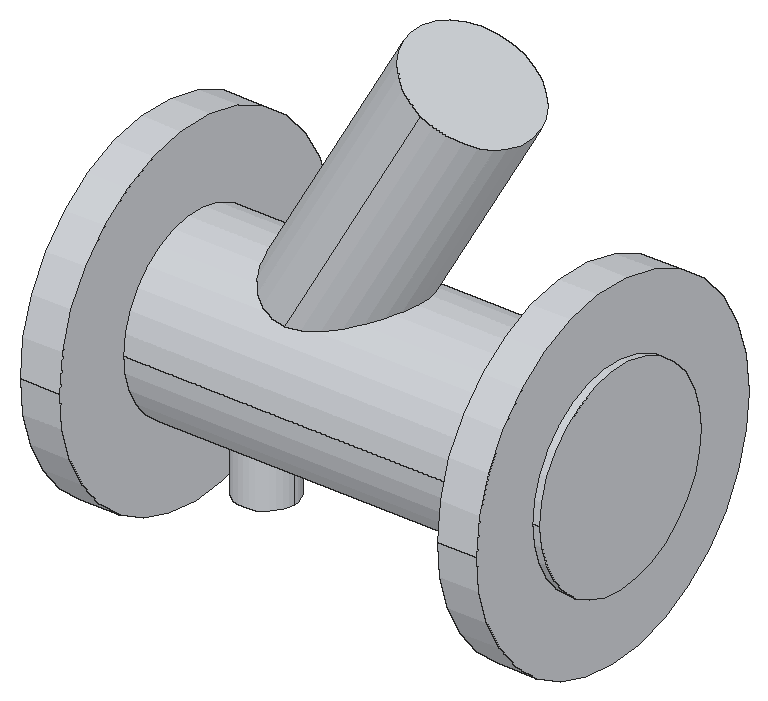
Revit family "HS 821-síto_standard-PN40-DN025-RFA_2018", category Pipe Accessories, Revit 2018
Family settings
  Round Connector Dimension = Use Diameter
  Part Type = Breaks Into
  Work Plane-Based = No
  Always vertical = Yes
  Cut with Voids When Loaded = No
  Shared = No
Parameters (values of type "821F-DN025-PN40-síto_standard")
  magiProductId = "504768023968471481789485b54c7e"
  magiProductFamilyId = "79214ac3aaa945e397802f559f5c1e"
  magiPartTypeId = 307
  isMeasuringValve [instance] = no
  ang2D [instance] = 0.00°
  ZB__ve = -ZB  # -19.25 mm
  ZB1 = 27.54 mm
  ZB = 19.25 mm
  X2 = 58.601 mm
  X1 = 22.4 mm
  W2D = 15 mm
  VersionID = "2.0/2017.9.26.1/ZETKAMA_821_001"
  Use Minimum Symbol Size [instance] = yes
  URL = "www.hydronic.cz"
  Type Comments = "Filtr přírubový; síto standardní; A-PN16 (-10~300°C); D-PN25 (-10~350°C); F-PN40 (-10~400°C)"
  S = 68 mm
  QmdConnectorList = "301;D;302;D"
  Productdata [instance] = ""
  Manufacturer = "Hydronic Systems Prague s.r.o."
  MC Product Code = "240 625 (821F; DN025; PN40; kvs14,7; oko síta 1,00mm)"
  LM1 = 12.8 mm
  LM = 128 mm
  L4 = 40 mm
  L2D_Min = 3048 mm
  L2D = 130 mm
  L2 = 80 mm
  HH2 = 101.5 mm
  FD = 115 mm
  Description = "Filtr přírubový; síto standardní; 821A-PN16; 821D-PN25; 821F-PN40"
  DM1 = 43.2 mm
  DM = 61.2 mm
  D = 25 mm
  CC = 2.72 mm
  CAT0 = yes
  C1 = 13.28 mm
  C = 16 mm
  BD = 19.278 mm
Types (40, lengths in mm): name | magiProductId | ZB__ve | ZB1 | ZB | X2 | X1 | S | MC Product Code | LM1 | LM | L4 | L2 | HH2 | FD | DM1 | DM | D | CC | C1 | C | BD
  821A-DN015-PN16-síto_standard | "a71bcfe8b393460598b23e8ddf7dc5" | -16.25 | 18.63 | 16.25 | 46.982 | 18.2 | 46 | "200 115 (821A; DN015; PN16; kvs6,3; oko síta 1,00mm)" | 10.4 | 104 | 32.5 | 65 | 81.375 | 95 | 27.6 | 41.4 | 15 | 2.21 | 10.79 | 13 | 13.041
  821A-DN020-PN16-síto_standard | "41cd6c7a12924f4991217528336076" | -17.75 | 22.68 | 17.75 | 51.673 | 21 | 56 | "200 120 (821A; DN020; PN16; kvs11,2; oko síta 1,00mm)" | 12 | 120 | 37.5 | 75 | 89.5 | 105 | 33.6 | 50.4 | 20 | 2.55 | 12.45 | 15 | 15.876
  821A-DN025-PN16-síto_standard | "be378b463ed14c3abf4c9b3ae8cf3a" | -19.25 | 26.325 | 19.25 | 58.601 | 22.4 | 65 | "200 125 (821A; DN025; PN16; kvs14,7; oko síta 1,00mm)" | 12.8 | 128 | 40 | 80 | 101.5 | 115 | 43.2 | 58.5 | 25 | 2.72 | 13.28 | 16 | 18.427
  821A-DN032-PN16-síto_standard | "227a0d18b21540afabe8b6067d35fa" | -23 | 30.78 | 23 | 68.849 | 25.2 | 76 | "200 132 (821A; DN032; PN16; kvs23,7; oko síta 1,00mm)" | 14.4 | 144 | 45 | 90 | 119.25 | 140 | 50.4 | 68.4 | 32 | 3.06 | 14.94 | 18 | 21.546
  821A-DN040-PN16-síto_standard | "d106917c74724141a10440112d0102" | -24.5 | 34.02 | 24.5 | 75.777 | 28 | 84 | "200 140 (821A; DN040; PN16; kvs37,7; oko síta 1,00mm)" | 16 | 160 | 50 | 100 | 131.25 | 150 | 60 | 75.6 | 40 | 3.4 | 16.6 | 20 | 23.814
  821A-DN050-PN16-síto_standard | "8255d456a09e4f6486734f5dd9171b" | -26.75 | 40.095 | 26.75 | 79.061 | 32.2 | 99 | "200 150 (821A; DN050 PN16; kvs57,9; oko síta 1,00mm)" | 18.4 | 184 | 57.5 | 115 | 136.938 | 165 | 73.8 | 89.1 | 50 | 3.91 | 19.09 | 23 | 28.066
  821A-DN065-PN16-síto_standard | "235b1b3e4c0843779a4d5e3716d40a" | -29.75 | 47.79 | 29.75 | 86.927 | 40.6 | 118 | "200 165 (821A; DN065; PN16; kvs101,5; oko síta 1,25mm)" | 23.2 | 232 | 72.5 | 145 | 150.562 | 185 | 94.2 | 106.2 | 65 | 4.93 | 24.07 | 29 | 33.453
  821A-DN080-PN16-síto_standard | "a067f7c5236348ed8c820d16df7214" | -32 | 53.46 | 32 | 104.753 | 43.4 | 132 | "200 180 (821A; DN080; PN16; kvs147,4; oko síta 1,25mm)" | 24.8 | 248 | 77.5 | 155 | 181.438 | 200 | 107.4 | 118.8 | 80 | 5.27 | 25.73 | 31 | 37.422
  821A-DN100-PN16-síto_standard | "c49a648c2747461285837d643703cd" | -35 | 63.18 | 35 | 114.857 | 49 | 156 | "200 190 (821A; DN100; PN16; kvs209,6; oko síta 1,60mm)" | 28 | 280 | 87.5 | 175 | 198.937 | 220 | 131.4 | 140.4 | 100 | 5.95 | 29.05 | 35 | 44.226
  821A-DN125-PN16-síto_standard | "bf68e728a163493cbd2a663b26ebdc" | -39.5 | 74.52 | 39.5 | 131.888 | 56 | 184 | "200 191 (821A; DN125; PN16; kvs326,2; oko síta 1,60mm)" | 32 | 320 | 100 | 200 | 228.438 | 250 | 165 | 165.6 | 125 | 6.8 | 33.2 | 40 | 52.164
  821A-DN150-PN16-síto_standard | "2de770284b654863ae6bc865769dc5" | -44.75 | 85.455 | 44.75 | 155.885 | 67.2 | 211 | "200 192 (821A; DN150; PN16; kvs403; oko síta 1,60mm)" | 38.4 | 384 | 120 | 240 | 270 | 285 | 192 | 189.9 | 150 | 8.16 | 39.84 | 48 | 59.818
  821A-DN200-PN16-síto_standard | "8e5693371ab64aabb29a7f08c76e15" | -53 | 107.73 | 53 | 188.361 | 84 | 266 | "200 193 (821A; DN200; PN16; kvs707; oko síta 1,60mm)" | 48 | 480 | 150 | 300 | 326.25 | 340 | 252 | 239.4 | 200 | 10.2 | 49.8 | 60 | 75.411
  821A-DN250-PN16-síto_standard | "05e37ed948c34047acdd4c42556504" | -62.75 | 129.195 | 62.75 | 255.911 | 102.2 | 319 | "200 194 (821A; DN250; PN16; kvs1234; oko síta 1,60mm)" | 58.4 | 584 | 182.5 | 365 | 443.25 | 405 | 309.6 | 287.1 | 250 | 12.41 | 60.59 | 73 | 90.436
  821A-DN300-PN16-síto_standard | "9ad0af747269428da925480d83ce80" | -71 | 149.85 | 71 | 325.914 | 119 | 370 | "200 195 (821A; DN300; PN16; kvs1916; oko síta 1,60mm)" | 68 | 680 | 212.5 | 425 | 564.5 | 460 | 369.6 | 333 | 300 | 14.45 | 70.55 | 85 | 104.895
  821A-DN350-PN16-síto_standard | "eebc71459bb3451bb4355e7951370a" | -80 | 173.745 | 80 | 356.875 | 137.2 | 429 | "200 196 (821A; DN350; PN16; kvs2621; oko síta 1,60mm)" | 78.4 | 784 | 245 | 490 | 618.125 | 520 | 438 | 386.1 | 350 | 16.66 | 81.34 | 98 | 121.621
  821A-DN400-PN16-síto_standard | "d2f677cb196647e385b2590e7d8abe" | -89 | 194.4 | 89 | 392.237 | 154 | 480 | "200 197 (821A; DN400; PN16; kvs3460; oko síta 1,60mm)" | 88 | 880 | 275 | 550 | 679.375 | 580 | 498 | 432 | 400 | 18.7 | 91.3 | 110 | 136.08
  821D-DN015-PN25-síto_standard | "27ddcbf555414f8ca1fde329bf9087" | -16.25 | 18.63 | 16.25 | 46.982 | 18.2 | 46 | "200 215 (821D; DN015; PN25; kvs6,3; oko síta 1,00mm)" | 10.4 | 104 | 32.5 | 65 | 81.375 | 95 | 27.6 | 41.4 | 15 | 2.21 | 10.79 | 13 | 13.041
  821D-DN020-PN25-síto_standard | "270e0f14012f47189cd0235c18faee" | -17.75 | 22.68 | 17.75 | 51.673 | 21 | 56 | "200 220 (821D; DN020; PN25; kvs11,2; oko síta 1,00mm)" | 12 | 120 | 37.5 | 75 | 89.5 | 105 | 33.6 | 50.4 | 20 | 2.55 | 12.45 | 15 | 15.876
  821D-DN025-PN25-síto_standard | "b9a7fb4aa36643878c637d8e1ab992" | -19.25 | 26.325 | 19.25 | 58.601 | 22.4 | 65 | "200 225 (821D; DN025; PN25; kvs14,7; oko síta 1,00mm)" | 12.8 | 128 | 40 | 80 | 101.5 | 115 | 43.2 | 58.5 | 25 | 2.72 | 13.28 | 16 | 18.427
  821D-DN032-PN25-síto_standard | "6be9a55c4e68400f94eec7e804204c" | -23 | 30.78 | 23 | 68.849 | 25.2 | 76 | "200 232 (821D; DN032; PN25; kvs23,7; oko síta 1,00mm)" | 14.4 | 144 | 45 | 90 | 119.25 | 140 | 50.4 | 68.4 | 32 | 3.06 | 14.94 | 18 | 21.546
  821D-DN040-PN25-síto_standard | "c54511bd7f584ec2984291479612cb" | -24.5 | 34.02 | 24.5 | 75.777 | 28 | 84 | "200 240 (821D; DN040; PN25; kvs37,7; oko síta 1,00mm)" | 16 | 160 | 50 | 100 | 131.25 | 150 | 60 | 75.6 | 40 | 3.4 | 16.6 | 20 | 23.814
  821D-DN050-PN25-síto_standard | "5483b1f596b04cd39b23a14a22c90e" | -26.75 | 40.095 | 26.75 | 79.061 | 32.2 | 99 | "200 250 (821D; DN050; PN25; kvs57,9; oko síta 1,00mm)" | 18.4 | 184 | 57.5 | 115 | 136.938 | 165 | 73.8 | 89.1 | 50 | 3.91 | 19.09 | 23 | 28.066
  821D-DN065-PN25-síto_standard | "767b0f8318e94750bc7a9930ed5b30" | -29.75 | 47.79 | 29.75 | 86.927 | 40.6 | 118 | "200 265 (821D; DN065; PN25; kvs101,5; oko síta 1,25mm)" | 23.2 | 232 | 72.5 | 145 | 150.562 | 185 | 94.2 | 106.2 | 65 | 4.93 | 24.07 | 29 | 33.453
  821D-DN080-PN25-síto_standard | "e21040fa3cc2404b858198f6b73709" | -32 | 53.46 | 32 | 104.753 | 43.4 | 132 | "200 280 (821D; DN080; PN25; kvs147,4; oko síta 1,25mm)" | 24.8 | 248 | 77.5 | 155 | 181.438 | 200 | 107.4 | 118.8 | 80 | 5.27 | 25.73 | 31 | 37.422
  821D-DN100-PN25-síto_standard | "175ca87a506b40b3bc6b82f12f33cf" | -37.25 | 63.18 | 37.25 | 114.857 | 49 | 156 | "200 290 (821D; DN100; PN25; kvs209,6; oko síta 1,60mm)" | 28 | 280 | 87.5 | 175 | 198.937 | 235 | 131.4 | 140.4 | 100 | 5.95 | 29.05 | 35 | 44.226
  821D-DN125-PN25-síto_standard | "77cc98d60da24855999a22dff726b2" | -42.5 | 74.52 | 42.5 | 131.888 | 56 | 184 | "200 291 (821D; DN125; PN25; kvs326,2; oko síta 1,60mm)" | 32 | 320 | 100 | 200 | 228.438 | 270 | 165 | 165.6 | 125 | 6.8 | 33.2 | 40 | 52.164
  821D-DN150-PN25-síto_standard | "9cf8acfcd15547d68e83172d3abcbe" | -47 | 85.455 | 47 | 155.885 | 67.2 | 211 | "200 292 (821D; DN150; PN25; kvs403; oko síta 1,60mm)" | 38.4 | 384 | 120 | 240 | 270 | 300 | 192 | 189.9 | 150 | 8.16 | 39.84 | 48 | 59.818
  821D-DN200-PN25-síto_standard | "16973f3c9ea14389ba8602495a6b64" | -56 | 110.97 | 56 | 188.361 | 84 | 274 | "200 293 (821D; DN200; PN25; kvs707; oko síta 1,60mm)" | 48 | 480 | 150 | 300 | 326.25 | 360 | 252 | 246.6 | 200 | 10.2 | 49.8 | 60 | 77.679
  821F-DN015-PN40-síto_standard | "4c7eaf3c4c0340888b3e684d8a8616" | -16.25 | 18.225 | 16.25 | 46.982 | 18.2 | 45 | "240 615 (821F; DN015; PN40; kvs6,3; oko síta 1,00mm)" | 10.4 | 104 | 32.5 | 65 | 81.375 | 95 | 27.6 | 40.5 | 15 | 2.21 | 10.79 | 13 | 12.757
  821F-DN020-PN40-síto_standard | "aaac5f1ec96b44d6ba96ac2293d66d" | -17.75 | 23.49 | 17.75 | 51.673 | 21 | 58 | "240 620 (821F; DN020; PN40; kvs11,2; oko síta 1,00mm)" | 12 | 120 | 37.5 | 75 | 89.5 | 105 | 33.6 | 52.2 | 20 | 2.55 | 12.45 | 15 | 16.443
  821F-DN025-PN40-síto_standard | "504768023968471481789485b54c7e" | -19.25 | 27.54 | 19.25 | 58.601 | 22.4 | 68 | "240 625 (821F; DN025; PN40; kvs14,7; oko síta 1,00mm)" | 12.8 | 128 | 40 | 80 | 101.5 | 115 | 43.2 | 61.2 | 25 | 2.72 | 13.28 | 16 | 19.278
  821F-DN032-PN40-síto_standard | "165e7f39cf744f329bdf1c400dad12" | -23 | 31.59 | 23 | 68.849 | 25.2 | 78 | "240 632 (821F; DN032; PN40; kvs23,7; oko síta 1,00mm)" | 14.4 | 144 | 45 | 90 | 119.25 | 140 | 50.4 | 70.2 | 32 | 3.06 | 14.94 | 18 | 22.113
  821F-DN040-PN40-síto_standard | "b8903f952089408fbf3a5a632bab1f" | -24.5 | 35.64 | 24.5 | 75.777 | 28 | 88 | "240 640 (821F; DN040; PN40; kvs37,7; oko síta 1,00mm)" | 16 | 160 | 50 | 100 | 131.25 | 150 | 60 | 79.2 | 40 | 3.4 | 16.6 | 20 | 24.948
  821F-DN050-PN40-síto_standard | "c451f97266fe48da8f879cb6a2bd44" | -26.75 | 41.31 | 26.75 | 79.061 | 32.2 | 102 | "240 650 (821F; DN050; PN40; kvs57,9; oko síta 1,00mm)" | 18.4 | 184 | 57.5 | 115 | 136.938 | 165 | 73.8 | 91.8 | 50 | 3.91 | 19.09 | 23 | 28.917
  821F-DN065-PN40-síto_standard | "dc9821e3f9b34e128f6a8c6b34c198" | -29.75 | 49.41 | 29.75 | 86.927 | 40.6 | 122 | "240 665 (821F; DN065; PN40; kvs101,5; oko síta 1,25mm)" | 23.2 | 232 | 72.5 | 145 | 150.562 | 185 | 94.2 | 109.8 | 65 | 4.93 | 24.07 | 29 | 34.587
  821F-DN080-PN40-síto_standard | "689aa1e260f84cf4994f027a1d86b5" | -32 | 55.89 | 32 | 104.753 | 43.4 | 138 | "240 680 (821F; DN080; PN40; kvs147,4; oko síta 1,25mm)" | 24.8 | 248 | 77.5 | 155 | 181.438 | 200 | 107.4 | 124.2 | 80 | 5.27 | 25.73 | 31 | 39.123
  821F-DN100-PN40-síto_standard | "8a45d4e8e2ab425f8c432f21d684f3" | -37.25 | 65.61 | 37.25 | 114.857 | 49 | 162 | "240 690 (821F; DN100; PN40; kvs209,6; oko síta 1,6mm)" | 28 | 280 | 87.5 | 175 | 198.937 | 235 | 131.4 | 145.8 | 100 | 5.95 | 29.05 | 35 | 45.927
  821F-DN125-PN40-síto_standard | "cf073904c006406b8645afa67ea2fc" | -42.5 | 76.14 | 42.5 | 131.888 | 56 | 188 | "240 691 (821F; DN125; PN40; kvs326,2; oko síta 1,6mm)" | 32 | 320 | 100 | 200 | 228.438 | 270 | 165 | 169.2 | 125 | 6.8 | 33.2 | 40 | 53.298
  821F-DN150-PN40-síto_standard | "0153b9ddabe14992a630484929fdbc" | -47 | 88.29 | 47 | 155.885 | 67.2 | 218 | "240 692 (821F; DN150; PN40; kvs403; oko síta 1,6mm)" | 38.4 | 384 | 120 | 240 | 270 | 300 | 192 | 196.2 | 150 | 8.16 | 39.84 | 48 | 61.803
  821F-DN200-PN40-síto_standard | "7fb3fc01dd8d42428c203e3f8dd4d5" | -56 | 115.425 | 56 | 188.361 | 84 | 285 | "240 693 (821F; DN200; PN40; kvs707; oko síta 1,6mm)" | 48 | 480 | 150 | 300 | 326.25 | 360 | 252 | 256.5 | 200 | 10.2 | 49.8 | 60 | 80.797
Reference planes
  plane 1 "Center (Front/Back)": y = 0
  plane 2 "XYPLANE": z = 0
  plane 3 "Center (Left/Right)": x = 0
  plane 4 "109": x = -51.2
  plane 5 "108": x = 64
  plane 6 "107": x = -64
  plane 7 "105": x = 80
  plane 8 "104": x = -80
  plane 9 "103": y = 0
  plane 10 "102": z = 0
  plane 11 "101": x = -77.28
  plane 12 "100": x = 77.28
  plane 13 "11": x = -28.8
  plane 14 "10": z = 101.5
  plane 15 "9": x = 29.801
  plane 16 "5": z = -27.54
  plane 17 "4": x = -40
  plane 18 "1": x = 40
Forms (mm)
  Extrusion 1, solid, visible <- "CAT0"
    sketch origin (-64, -750, 0) x (0, 1, 0) y (0, 0, 1)
      loop
        circle (750, 0) r 30.6
    from 0 to 128 <- "LM"
  Extrusion 2, solid
    sketch origin (-80, -750, 0) x (0, 1, 0) y (0, 0, 1)
      loop
        circle (750, 0) r 34
    from 0 to 2.72 <- "CC"
  Extrusion 3, solid
    sketch origin (-77.28, -750, 0) x (0, 1, 0) y (0, 0, 1)
      loop
        circle (750, 0) r 57.5
    from 0 to 13.28 <- "C1"
  Extrusion 4, solid
    sketch origin (64, -750, 0) x (0, 1, 0) y (0, 0, 1)
      loop
        circle (750, 0) r 57.5
    from 0 to 13.28 <- "C1"
  Extrusion 5, solid
    sketch origin (77.28, -750, 0) x (0, 1, 0) y (0, 0, 1)
      loop
        circle (750, 0) r 34
    from 0 to 2.72 <- "CC"
  Sweep 6, solid, visible <- "CAT0"
    path origin (750, 0, 0) x (-1, 0, 0) y (0, 0, 1)
      loop
        line (814, 0) -> (778.8, 0) -> (720.199, 101.5)
    profile origin (-64, 0, 0) x (0, 0, -1) y (0, 1, 0)
      loop
        circle (0, 0) r 21.6
  Extrusion 7, solid, visible <- "CAT0"
    sketch origin (-750, 0, -27.54) x (1, 0, 0) y (0, 1, 0)
      loop
        circle (710, 0) r 9.639
    from 0 to -19.25 <- "ZB__ve"
  Extrusion 8, solid, visible <- "CAT0"
    sketch origin (-750, 0, -27.54) x (1, 0, 0) y (0, 1, 0)
      loop
        circle (790, 0) r 9.639
    from 0 to -19.25 <- "ZB__ve"
  Extrusion 9, solid, not visible
    sketch origin (80, -750, 0) x (0, 1, 0) y (0, 0, 1)
      loop
        circle (750, 0) r 10
    from 0 to -10
  Extrusion 10, solid, not visible
    sketch origin (-80, -750, 0) x (0, 1, 0) y (0, 0, 1)
      loop
        circle (750, 0) r 10
    from 0 to 10
Lines and regions (mm)
  reference lines, not visible
    curve 1: circle (2, 2, 0) r 1 normal (0, 0, 1)
Dimensions and locks
  plane 1 "Center (Front/Back)" to curve 1 = 2 mm
  "LM1": plane 6 "107" to plane 4 "109"
  "LM": plane 6 "107" to plane 5 "108"
  "C": plane 8 "104" to plane 6 "107"
  "L2": plane 3 "Center (Left/Right)" to plane 7 "105"
  "L2": plane 3 "Center (Left/Right)" to plane 8 "104"
  locked: plane 1 "Center (Front/Back)" to plane 9 "103"
  locked: plane 2 "XYPLANE" to plane 10 "102"
  "CC": plane 8 "104" to plane 11 "101"
  "C1": plane 5 "108" to plane 12 "100"
  "X1": plane 4 "109" to plane 13 "11"
  "HH2": plane 2 "XYPLANE" to plane 14 "10"
  "X2": plane 13 "11" to plane 15 "9"
  "ZB1": plane 2 "XYPLANE" to plane 16 "5"
  "L4": plane 8 "104" to plane 17 "4"
  "L2": plane 17 "4" to plane 18 "1"
  Sweep 6 sketch curve to Sweep 6 sketch curve = 0 mm  (x2)
  "DM": diameter of Extrusion 1 sketch curve
  "S": diameter of Extrusion 2 sketch curve
  "FD": diameter of Extrusion 3 sketch curve
  "FD": diameter of Extrusion 4 sketch curve
  "S": diameter of Extrusion 5 sketch curve
  "DM1": diameter of Sweep 6 sketch curve
  "BD": diameter of Extrusion 7 sketch curve
  "BD": diameter of Extrusion 8 sketch curve
  aligned and locked: level to plane 2 "XYPLANE"
  aligned and locked: Extrusion 1 sketch curve to plane 9 "103"
  aligned and locked: plane 10 "102" to Extrusion 1 sketch curve
  aligned and locked: Extrusion 2 sketch curve to plane 9 "103"
  aligned and locked: plane 10 "102" to Extrusion 2 sketch curve
  aligned and locked: Extrusion 3 sketch curve to plane 9 "103"
  aligned and locked: plane 10 "102" to Extrusion 3 sketch curve
  aligned and locked: Extrusion 4 sketch curve to plane 9 "103"
  aligned and locked: plane 10 "102" to Extrusion 4 sketch curve
  aligned and locked: Extrusion 5 sketch curve to plane 9 "103"
  aligned and locked: plane 10 "102" to Extrusion 5 sketch curve
  aligned and locked: Sweep 6 sketch curve to plane 9 "103"
  aligned and locked: plane 10 "102" to Sweep 6 sketch curve  (x3)
  aligned and locked: plane 6 "107" to Sweep 6 sketch curve
  aligned and locked: plane 13 "11" to Sweep 6 sketch curve
  aligned and locked: plane 14 "10" to Sweep 6 sketch curve
  aligned and locked: plane 15 "9" to Sweep 6 sketch curve
  aligned and locked: plane 9 "103" to Extrusion 7 sketch curve
  aligned and locked: plane 17 "4" to Extrusion 7 sketch curve
  aligned and locked: plane 9 "103" to Extrusion 8 sketch curve
  aligned and locked: plane 18 "1" to Extrusion 8 sketch curve
  aligned and locked: Extrusion 9 sketch curve to plane 9 "103"
  aligned and locked: plane 10 "102" to Extrusion 9 sketch curve
  aligned and locked: Extrusion 10 sketch curve to plane 9 "103"
  aligned and locked: plane 10 "102" to Extrusion 10 sketch curve
Automatic sketch dimensions
  plane 1 "Center (Front/Back)" to Extrusion 9 sketch curve = 10 mm
  plane 1 "Center (Front/Back)" to Extrusion 10 sketch curve = 10 mm
  plane 3 "Center (Left/Right)" to curve 1 = 2 mm
  radius of curve 1 = 1 mm
Connectors
  piping at (-80, 0, 0), diameter 25, driven by "D"
    settings: on Extrusion 10, index 1, connector inside diameter 609.6 mm, connector length 0 mm, flow factor 0, pipe flow 0.0 L/s, pressure drop 0.0 Pa, fitting loss kfactor 0, connector angle 0.00°, fixture units 0, engagement length 0 mm, angle of deflection 0.00°, flow configuration 0, flow direction 0, fitting loss method 0, system type 29, joint type 0, gender type 0, connector reference index 2, connector utility 0, adjustable connector no, is connector primary yes, connector description ""
  piping at (80, 0, 0), diameter 25, driven by "D"
    settings: on Extrusion 9, index 2, connector inside diameter 609.6 mm, connector length 0 mm, flow factor 0, pipe flow 0.0 L/s, pressure drop 0.0 Pa, fitting loss kfactor 0, connector angle 0.00°, fixture units 0, engagement length 0 mm, angle of deflection 0.00°, flow configuration 0, flow direction 0, fitting loss method 0, system type 29, joint type 0, gender type 0, connector reference index 1, connector utility 0, adjustable connector no, is connector primary no, connector description ""
